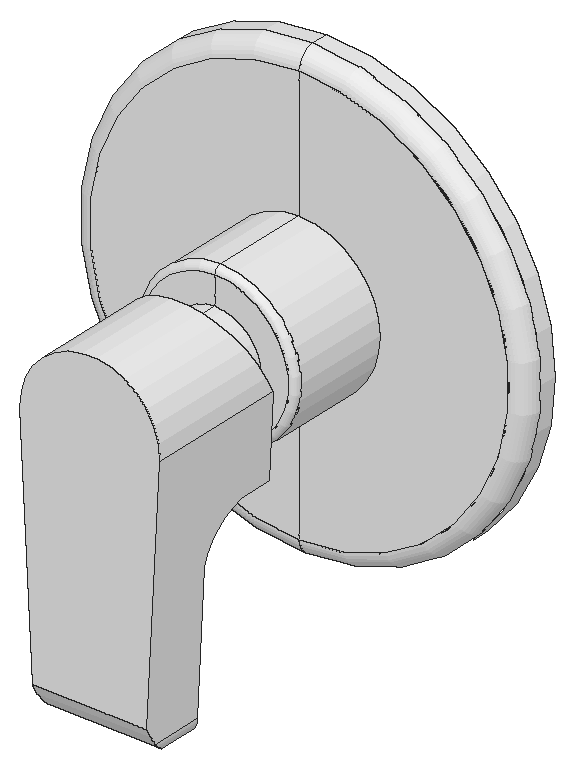
Revit family "CA4055551_Mezclador Monocontrol Cascade SSB", category Plumbing Fixtures, Revit 2019
Family settings
  Round Connector Dimension = Use Diameter
  Part Type = Normal
  OmniClass Number = 23.31.11.17.15
  OmniClass Title = Shower Disc Faucets
  Work Plane-Based = No
  Always vertical = Yes
  Cut with Voids When Loaded = No
  Shared = No
  Room Calculation Point = No
Parameters
  Vida útil o desgaste (unidad) = "250.000 ciclos"  # constant formula
  URL = "https://corona.co/productos/griferias/mezclador-monocontrol-cascade-ssb/p/CA40555513"
  Temperatura de uso = "5˚C a 71˚C."  # constant formula
  Presión mínima recomendada = "20 psi (138 Kpa)."  # constant formula
  Presión máxima recomendada = "125 psi (862 Kpa)."  # constant formula
  Peso neto = "650 g. - 1,43 lb"  # constant formula
  Model = "Mezclador monocontrol SD CASCADE"  # constant formula
  Material = Corona_Cromado
  Manufacturer = "Corona"  # constant formula
  Garantía = "30 años"  # constant formula
  Fecha de creación = "21/07/2020"  # constant formula
  Description = "La línea de griferías y accesorios plásticos Cascade se inspira en la fluidez natural\r\ndel agua y las formas creadas a su paso en caídas y cascadas, sus líneas fluidas\r\ncrean un solo viaje alrededor del producto generando formas limpias y un\r\nacabado perfecto que resalta la precisión del diseño • Tecnología Duracrome: acabado superior, mayor espesor en el cromado que\r\nlo hace más brillante y resistente a la corrosión.\r\n• Fácil limpieza: diseño que evita la acumulación de impurezas."  # constant formula
  Creado por = "IDD"  # constant formula
  Capacidad de flujo máximo = "80 psi."  # constant formula
  Años de garantía acabados = "a años"  # constant formula
Reference planes
  plane 1 "Center (Front/Back)": y = 0
  plane 2: z = 0
  plane 3 "Center (Left/Right)": x = 0
Forms (mm)
  Revolve 1, solid, material "Corona_Cromado" <- "Material", detail levels medium+fine
    sketch origin (0, 0, 0) x (0, 1, 0) y (0, 0, 1)
      loop
        line (0, 0) -> (0, 65) -> (-5, 65)
        arc (-5, 65) -> (-8.536, 63.536) -> (-10, 60) r 5
        line (-10, 60) -> (-10, 23) -> (-38, 23)
        arc (-38, 23) -> (-39.414, 22.414) -> (-40, 21) r 2
        line (-40, 21) -> (-40, 13) -> (-50, 13) -> (-50, 0) -> (0, 0)
      axis (0, 0) -> (-50, 0)
    angle from 0 to 360
  Extrusion 2, solid, material "Corona_Cromado" <- "Material", detail levels medium+fine
    sketch origin (0, 0, 0) x (1, 0, 0) y (0, 0, 1)
      loop
        arc (20, 0) -> (0, 20) -> (-20, 0) r 20
        line (-20, 0) -> (-16.047, -75.428)
        arc (-16.047, -75.428) -> (-14.496, -78.793) -> (-11.054, -80.166) r 5
        line (-11.054, -80.166) -> (11.054, -80.166)
        arc (11.054, -80.166) -> (14.496, -78.793) -> (16.047, -75.428) r 5
        line (16.047, -75.428) -> (20, 0)
    from 44.318 to 84.799
  Extrusion 3, void
    sketch origin (0, 0, 0) x (0, 1, 0) y (0, 0, 1)
      loop
        line (-52.986, 20.103) -> (-43.776, -1.805) -> (-42.052, -1.805) -> (-42.052, 28.783) -> (-52.986, 28.783) -> (-52.986, 20.103)
    from -30.122 to 30.564
  Extrusion 4, void
    sketch origin (0, 0, 0) x (0, 1, 0) y (0, 0, 1)
      loop
        line (-44.318, -23.078) -> (-51.276, -23.078)
        arc (-51.276, -23.078) -> (-61.276, -26.717) -> (-66.597, -35.933) r 15.557
        line (-66.597, -35.933) -> (-66.597, -80.933)
        arc (-66.597, -80.933) -> (-77.526, -78.507) -> (-84.799, -69.997) r 17.656
        line (-84.799, -69.997) -> (-89.799, -69.997) -> (-89.799, -94.997) -> (-44.318, -94.997) -> (-44.318, -23.078)
    from -30.122 to 30.564
  Extrusion 5, solid, detail levels coarse
    sketch origin (0, 0, 0) x (1, 0, 0) y (0, 1, 0)
      loop
        line (-72.503, 0) -> (-72.503, -94.318) -> (72.503, -94.318) -> (72.503, 0) -> (-72.503, 0)
    from -90.41 to 70.648
Cuts and joins
  Extrusion 3, Extrusion 4 cuts Extrusion 2
Dimensions and locks
  aligned and locked: level to plane 2
  aligned and locked: Extrusion 4 to Extrusion 3
  aligned and locked: Extrusion 3 to Extrusion 4
  aligned and locked: plane 1 "Center (Front/Back)" to Revolve 1
Nested families
  nested 1: "Family3" at (0, 0, 0) x (1, 0, 0) z (0, -1, 0), type "Family3"
  nested 2: "family4" at (0, 0, 0) x (0, 1, 0) z (1, 0, 0), type "family4"
Connectors
  piping at (0, 0, 0), diameter 12.7
    settings: on Revolve 1, index 1, connector inside diameter 609.6 mm, connector length 0 mm, flow factor 0, pipe flow 0.0 L/s, pressure drop 0.0 Pa, fitting loss kfactor 0, connector angle 0.00°, fixture units 0, engagement length 0 mm, angle of deflection 0.00°, flow configuration 0, flow direction 0, fitting loss method 0, system type 20, joint type 0, gender type 0, connector reference index -1, connector utility 0, adjustable connector no, is connector primary yes, connector description ""
Definition of nested family "Family3"
  Reference planes
    plane 1 "Center (Front/Back)": y = 0
    plane 2: z = 0
    plane 3 "Center (Left/Right)": x = 0
  Lines and regions (mm)
    detail lines, in view "Ref. Level"
      curve 1: arc (16.708, -62.816, 0) -> (0, 65, 0) -> (-16.708, -62.816, 0) r 65
      curve 2: arc (19.286, -13.632, 0) -> (0, 23.617, 0) -> (-19.286, -13.632, 0) r 23.617
      curve 3: arc (20, 0, 0) -> (0, 20, 0) -> (-20, 0, 0) r 20
      curve 4: line (-20, 0, 0) -> (-16.094, -74.532, 0)
      curve 5: line (20, 0, 0) -> (16.094, -74.532, 0)
      curve 6: line (-11.101, -79.27, 0) -> (11.101, -79.27, 0)
      curve 7: arc (-16.094, -74.532, 0) -> (-14.543, -77.897, 0) -> (-11.101, -79.27, 0) r 5
      curve 8: arc (11.101, -79.27, 0) -> (14.543, -77.897, 0) -> (16.094, -74.532, 0) r 5
Definition of nested family "family4"
  Reference planes
    plane 1 "Center (Front/Back)": y = 0
    plane 2: z = 0
    plane 3 "Center (Left/Right)": x = 0
  Lines and regions (mm)
    detail lines, in view "Ref. Level"
      curve 1: line (0, -65, 0) -> (0, 65, 0)
      curve 2: line (0, 65, 0) -> (-5, 65, 0)
      curve 3: line (-10, 60, 0) -> (-10, -60, 0)
      curve 4: line (-10, 22.722, 0) -> (-40, 22.722, 0)
      curve 5: line (-40, 22.722, 0) -> (-40, -22.722, 0)
      curve 6: line (-40, 12.722, 0) -> (-49.325, 12.722, 0)
      curve 7: line (0, -65, 0) -> (-5, -65, 0)
      curve 8: line (-10, -22.722, 0) -> (-40, -22.722, 0)
      curve 9: line (-40, -12.722, 0) -> (-43.216, -12.722, 0)
      curve 10: arc (-5, 65, 0) -> (-8.536, 63.536, 0) -> (-10, 60, 0) r 5
      curve 11: arc (-5, -65, 0) -> (-8.536, -63.536, 0) -> (-10, -60, 0) r 5
      curve 12: line (-53.385, 21.839, 0) -> (-83.311, 19.747, 0)
      curve 13: line (-83.311, 19.747, 0) -> (-83.311, -65, 0)
      curve 14: arc (-83.311, -65, 0) -> (-77.801, -76.202, 0) -> (-65.565, -78.675, 0) r 14.142
      curve 15: line (-53.385, 21.839, 0) -> (-43.216, -0.999, 0)
      curve 16: line (-43.216, -0.999, 0) -> (-43.216, -22.722, 0)
      curve 17: line (-43.216, -22.722, 0) -> (-51.944, -22.722, 0)
      curve 18: arc (-51.944, -22.722, 0) -> (-61.108, -26.24, 0) -> (-65.565, -34.987, 0) r 13.696
      curve 19: line (-65.565, -34.987, 0) -> (-65.565, -78.675, 0)
